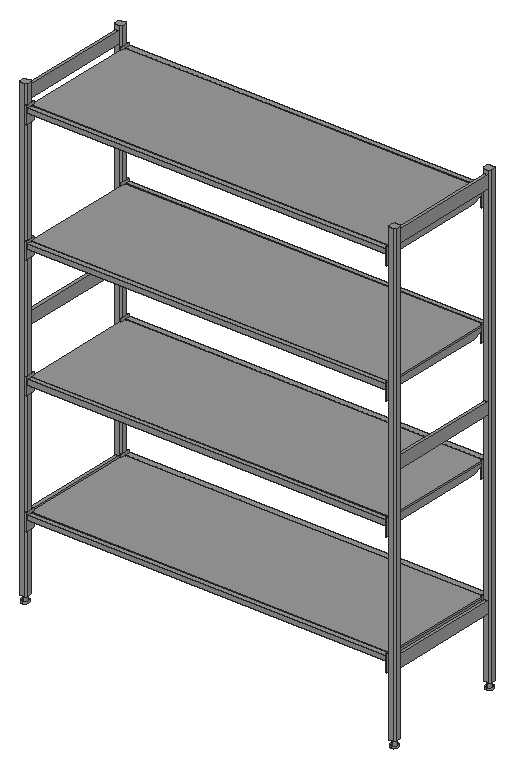
Revit family "QF_ZANUSSI_137037_BLS1394", category Attrezzature speciali, Revit 2020
Family settings
  Quota connettore circolare = Usa diametro
  Tipo di parte = Normale
  Basato su piano di lavoro = No
  Sempre verticale = Sì
  Taglio con vuoti quando caricato = No
  Condiviso = No
  Punto di calcolo locali = No
Parameters (values of type "Standard")
  Weight = 26.00 kg
  Watts = 0 W
  Volts = 0 V
  URL Manufacturer = "http://www.zanussiprofessional.com"
  URL = "http://www.zanussiprofessional.com"
  Steam Supply Size = 0 mm
  Steam Supply Minimum Pressure = 0.0 Pa
  Steam Supply Maximum Pressure = 0.0 Pa
  Steam Consumption per Hour = 0
  Refrigeration Suction Line Size = 0.0 mm
  Refrigeration Liquid Line Size = 0.0 mm
  Refrigerant Compressor Remote = yes
  Prospetto di default = 0.0 mm
  Phase = 0
  Modello = "BLS1394"
  Produttore = "Zanussi"
  Length Actual = 1394.0 mm  # constant formula
  Item Number = "137037"
  Hot Water Size = 0 mm
  Height Actual = 1700.0 mm  # constant formula
  HP = "0 HP"
  Gas Size = 0 mm
  Gas KW = 0
  Gas Input Pressure = 0 W
  Direct Waste Size = 0 mm
  Descrizione = "ALUM.LINEAR SHELV.-POLY.TIERS-475X1394MM"
  Depth Actual = 475.0 mm  # constant formula
  Cycle = 0 Hz
  Condensate Return Size = 0 mm
  Compressed Air Volume = 0.0 L/s
  Compressed Air Size = 0 mm
  Compressed Air Pressure = 0.0 Pa
  Cold Water Size = 0 mm
  Accessory = yes
Reference planes
  plane 1: z = 0
  plane 2 "Center (Left/Right)": x = -31
  plane 3 "LEFT": x = -728
  plane 4 "RIGHT": x = 666
  plane 5 "BACK": y = 23
  plane 6 "FRONT": y = -452
  plane 7 "TOP": z = 1700
  plane 8: x = 661
  plane 9: x = -696
  plane 10: x = 634
  plane 11 "Center (Front/Back)": y = -214.5
  plane 12: x = 629
  plane 13: y = -8.5
  plane 14: y = -420.5
  plane 15 "FEET": z = 25
  plane 16: z = 275
  plane 17: z = 725
  plane 18: z = 1175
  plane 19: z = 1625
  plane 20 "CXLeft": x = -714
  plane 21 "CXRight": x = 652
  plane 22: y = 5.5
  plane 23 "CYBack": y = 5.5
  plane 24 "CYFront": y = -434.5
Forms (mm)
  Extrusion 1, solid, material "QF_Aluminum"
    sketch origin (-728, 0, 0) x (0, 1, 0) y (0, 0, 1)
      loop
        line (4, 1650.994) -> (4, 1632.998) -> (23, 1632.998) -> (23, 1650.994) -> (4, 1650.994)
      loop
        line (-433, 1650.994) -> (-452, 1650.994) -> (-452, 1632.998) -> (-433, 1632.998) -> (-433, 1650.994)
      loop
        line (4, 1200.994) -> (4, 1182.998) -> (23, 1182.998) -> (23, 1200.994) -> (4, 1200.994)
      loop
        line (-433, 1200.994) -> (-452, 1200.994) -> (-452, 1182.998) -> (-433, 1182.998) -> (-433, 1200.994)
      loop
        line (4, 750.994) -> (4, 732.998) -> (23, 732.998) -> (23, 750.994) -> (4, 750.994)
      loop
        line (-433, 750.994) -> (-452, 750.994) -> (-452, 732.998) -> (-433, 732.998) -> (-433, 750.994)
      loop
        line (4, 300.994) -> (4, 282.998) -> (23, 282.998) -> (23, 300.994) -> (4, 300.994)
      loop
        line (-433, 300.994) -> (-452, 300.994) -> (-452, 282.998) -> (-433, 282.998) -> (-433, 300.994)
    from 32 to 1362
  Extrusion 2, solid, material "QF_Polyethylene"
    sketch origin (-728, 0, 0) x (0, 1, 0) y (0, 0, 1)
      loop
        line (2.007, 1650.994) -> (-431, 1650.994) -> (-431, 1644.496) -> (2.007, 1644.496) -> (2.007, 1650.994)
      loop
        line (2.007, 1200.994) -> (-431, 1200.994) -> (-431, 1194.496) -> (2.007, 1194.496) -> (2.007, 1200.994)
      loop
        line (2.007, 750.994) -> (-431, 750.994) -> (-431, 744.496) -> (2.007, 744.496) -> (2.007, 750.994)
      loop
        line (2.007, 300.994) -> (-431, 300.994) -> (-431, 294.496) -> (2.007, 294.496) -> (2.007, 300.994)
    from 32 to 1362
  Extrusion 3, solid, material "QF_Aluminum"
    sketch origin (666, 0, 0) x (0, 1, 0) y (0, 0, 1)
      loop
        line (-12, 1632.998) -> (4, 1632.998) -> (4, 1650.994) -> (2.007, 1650.994) -> (2.007, 1644.496) -> (-431, 1644.496) -> (-431, 1650.994) -> (-433, 1650.994) -> (-433, 1632.998) -> (-417, 1632.998) -> (-383, 1620.994) -> (-46, 1620.994) -> (-12, 1632.998)
      loop
        line (-12, 1182.998) -> (4, 1182.998) -> (4, 1200.994) -> (2.007, 1200.994) -> (2.007, 1194.496) -> (-431, 1194.496) -> (-431, 1200.994) -> (-433, 1200.994) -> (-433, 1182.998) -> (-417, 1182.998) -> (-383, 1170.994) -> (-46, 1170.994) -> (-12, 1182.998)
      loop
        line (-12, 732.998) -> (4, 732.998) -> (4, 750.994) -> (2.007, 750.994) -> (2.007, 744.496) -> (-431, 744.496) -> (-431, 750.994) -> (-433, 750.994) -> (-433, 732.998) -> (-417, 732.998) -> (-383, 720.994) -> (-46, 720.994) -> (-12, 732.998)
      loop
        line (-12, 282.998) -> (4, 282.998) -> (4, 300.994) -> (2.007, 300.994) -> (2.007, 294.496) -> (-431, 294.496) -> (-431, 300.994) -> (-433, 300.994) -> (-433, 282.998) -> (-417, 282.998) -> (-383, 270.994) -> (-46, 270.994) -> (-12, 282.998)
    from -32 to -37
Lines and regions (mm)
  symbolic lines
    curve 1: line (634, 4, 1700) -> (-696, 4, 1700)
    curve 2: line (-700, 23, 1700) -> (638, 23, 1700)
    curve 3: line (638, 13.246, 1700) -> (644.254, 19.5, 1700)
    curve 4: line (644.254, -8.5, 1700) -> (638, -2.246, 1700)
    curve 5: line (644.254, -420.5, 1700) -> (638, -426.754, 1700)
    curve 6: line (-700, -452, 1700) -> (638, -452, 1700)
    curve 7: line (638, 23, 1700) -> (638, -12.993, 1700)
    curve 8: line (638, -12.993, 1700) -> (634, -12.993, 1700)
    curve 9: line (638, -452, 1700) -> (638, -416.007, 1700)
    curve 10: line (638, -416.007, 1700) -> (634, -416.007, 1700)
    curve 11: line (-696, -12.993, 1700) -> (-696, -416.007, 1700)
    curve 12: line (-696, -433, 1700) -> (634, -433, 1700)
    curve 13: line (634, -12.993, 1700) -> (634, -416.007, 1700)
Dimensions and locks
  locked: plane 3 "LEFT" to plane 4 "RIGHT" at 1394
  equal spacing: plane 3 "LEFT", plane 2 "Center (Left/Right)", plane 4 "RIGHT"
  locked: plane 7 "TOP" to level at 1700
  locked: plane 5 "BACK" to plane 6 "FRONT" at 475
  locked: plane 4 "RIGHT" to plane 8 at 5
  locked: plane 9 to plane 10 at 1330
  locked: plane 3 "LEFT" to plane 9 at 32
  plane 12 to plane 10 = 5.0 mm
  locked: plane 13 to plane 14 at 412
  equal spacing: plane 13, plane 11 "Center (Front/Back)", plane 14
  equal spacing: plane 5 "BACK", plane 11 "Center (Front/Back)", plane 6 "FRONT"
  plane 15 "FEET" to level = 25.0 mm
  plane 7 "TOP" to plane 15 "FEET" = 1675.0 mm
  plane 16 to plane 15 "FEET" = 250.0 mm
  plane 17 to plane 16 = 450.0 mm
  plane 18 to plane 17 = 450.0 mm
  plane 19 to plane 18 = 450.0 mm
  locked: plane 3 "LEFT" to plane 20 "CXLeft" at 14
  locked: plane 21 "CXRight" to plane 4 "RIGHT" at 14
  locked: plane 5 "BACK" to plane 23 "CYBack" at 17.5
  locked: plane 24 "CYFront" to plane 6 "FRONT" at 17.5
  aligned and locked: level to plane 1
  aligned and locked: plane 9 to Extrusion 2
  aligned and locked: Extrusion 2 to plane 10
  aligned and locked: plane 9 to Extrusion 1
  aligned and locked: Extrusion 1 to plane 10
  aligned and locked: Extrusion 1 sketch curve to Extrusion 1 sketch curve  (x2)
  aligned and locked: Extrusion 3 sketch curve to Extrusion 3 sketch curve  (x3)
  aligned and locked: Extrusion 3 to plane 12
  aligned and locked: Extrusion 3 to plane 10
  aligned and locked: nested 1 to plane 20 "CXLeft"
  aligned and locked: nested 2 to plane 21 "CXRight"
Automatic sketch dimensions
  Extrusion 1 sketch curve to plane 6 "FRONT" = 0.0 mm  (x4)
  Extrusion 1 sketch curve to plane 5 "BACK" = 0.0 mm  (x4)
  plane 24 "CYFront" to Extrusion 1 sketch curve = 1.5 mm  (x2)
  plane 22 to Extrusion 1 sketch curve = 1.5 mm  (x4)
  plane 16 to Extrusion 1 sketch curve = 7.998 mm  (x2)
  Extrusion 1 sketch curve to Extrusion 1 sketch curve = 17.997 mm  (x8)
  plane 17 to Extrusion 1 sketch curve = 7.998 mm  (x2)
  plane 18 to Extrusion 1 sketch curve = 7.998 mm  (x2)
  plane 19 to Extrusion 1 sketch curve = 7.998 mm  (x2)
  plane 24 "CYFront" to Extrusion 2 sketch curve = 3.5 mm  (x4)
  plane 22 to Extrusion 2 sketch curve = 3.493 mm  (x4)
  plane 16 to Extrusion 2 sketch curve = 19.496 mm
  Extrusion 2 sketch curve to Extrusion 2 sketch curve = 6.499 mm  (x4)
  plane 17 to Extrusion 2 sketch curve = 19.496 mm
  plane 18 to Extrusion 2 sketch curve = 19.496 mm
  plane 19 to Extrusion 2 sketch curve = 19.496 mm
  plane 24 "CYFront" to Extrusion 3 sketch curve = 1.5 mm  (x4)
  Extrusion 3 sketch curve to Extrusion 3 sketch curve = 2.0 mm
  plane 14 to Extrusion 3 sketch curve = 3.5 mm  (x4)
  Extrusion 3 sketch curve to plane 16 = 4.006 mm
  Extrusion 3 sketch curve to Extrusion 3 sketch curve = 34.0 mm  (x4)
  Extrusion 3 sketch curve to plane 17 = 4.006 mm
  Extrusion 3 sketch curve to plane 18 = 4.006 mm
  Extrusion 3 sketch curve to plane 19 = 4.006 mm
  Extrusion 3 sketch curve to plane 13 = 37.5 mm  (x4)
  Extrusion 3 sketch curve to plane 13 = 3.5 mm  (x4)
  plane 22 to Extrusion 3 sketch curve = 3.493 mm  (x4)
  plane 22 to Extrusion 3 sketch curve = 1.5 mm  (x4)
  plane 16 to Extrusion 3 sketch curve = 7.998 mm  (x2)
  Extrusion 3 sketch curve to Extrusion 3 sketch curve = 11.498 mm  (x4)
  Extrusion 3 sketch curve to Extrusion 3 sketch curve = 6.499 mm  (x8)
  plane 17 to Extrusion 3 sketch curve = 7.998 mm  (x2)
  plane 18 to Extrusion 3 sketch curve = 7.998 mm  (x2)
  plane 19 to Extrusion 3 sketch curve = 7.998 mm  (x2)
  curve 6 to plane 6 "FRONT" = 0.0 mm
  curve 12 to plane 9 = 0.0 mm
  curve 12 to plane 10 = 0.0 mm
  curve 5 to plane 14 = 0.0 mm
  curve 11 to plane 9 = 0.0 mm
  curve 8 to plane 10 = 0.0 mm
  curve 4 to plane 13 = 0.0 mm
  curve 1 to plane 9 = 0.0 mm
  curve 1 to plane 10 = 0.0 mm
  curve 2 to plane 5 "BACK" = 0.0 mm
  plane 14 to curve 10 = 4.493 mm
  curve 7 to plane 13 = 4.493 mm
  curve 10 to plane 10 = 4.0 mm
  curve 7 to plane 10 = 4.0 mm
  plane 24 "CYFront" to curve 12 = 1.5 mm
  curve 5 to plane 14 = 6.254 mm
  plane 14 to curve 11 = 4.493 mm
  curve 11 to plane 13 = 4.493 mm
  plane 13 to curve 4 = 6.254 mm
  plane 22 to curve 1 = 1.5 mm
  curve 3 to plane 22 = 7.746 mm
  curve 3 to plane 5 "BACK" = 3.5 mm
  curve 5 to curve 9 = 6.254 mm
  curve 3 to curve 2 = 6.254 mm
  curve 4 to curve 7 = 6.254 mm
  plane 9 to curve 2 = 4.0 mm
  plane 9 to curve 6 = 4.0 mm
Nested families
  nested 1: "WT_Anta475" at (-311, 0, 0), type "WT_Anta475"
  nested 2: "WT_Anta475" at (249, 0, 0) x (-1, 0, 0) z (0, 0, 1), type "WT_Anta475"
Definition of nested family "WT_Anta475"
  Parameters
    WidthLeft = A + 64.0 mm  # 772.0 mm
    Width = 1606.0 mm
    Right = WidthLeft / 2  # 386.0 mm
    Default Elevation = 0.0 mm
    Left = -WidthLeft / 2  # -386.0 mm
    Height = 1725.0 mm
    FEET = 25.0 mm
    E = 0.0 mm
    Dint = Depth - 63.0 mm  # 412.0 mm
    Dext = Depth - 8.0 mm  # 467.0 mm
    Depth = 475.0 mm
    DX = (WidthLeft - A) / 2  # 32.0 mm
    B = 798.0 mm
    A = 708.0 mm
  Reference planes
    plane 1: z = 0
    plane 2 "LEFT": x = -417
    plane 3 "BACK": y = 23
    plane 4 "FRONT": y = -452
    plane 5 "TOP": z = 1725
    plane 6 "Center (Front/Back)": y = -214.5
    plane 7: y = -8.5
    plane 8: y = -420.5
    plane 9 "FEET": z = 25
    plane 10: z = 275
    plane 11: z = 725
    plane 12: z = 1175
    plane 13: z = 1625
    plane 14 "CXLeft": x = -403
    plane 15: y = 5.5
    plane 16 "CYBack": y = 5.5
    plane 17 "CYFront": y = -434.5
    plane 18: x = -385.031
    plane 19: x = -380.031
  Forms (mm)
    Extrusion 1, solid
      sketch origin (0, 0, 0) x (1, 0, 0) y (0, 1, 0)
        loop
          line (-417, 13.246) -> (-417, -2.246) -> (-410.746, -8.5) -> (-395.254, -8.5) -> (-389, -2.246) -> (-389, 13.246) -> (-395.254, 19.5) -> (-410.746, 19.5) -> (-417, 13.246)
      from 1725 to 25
    Extrusion 2, solid
      sketch origin (-417, 0, 0) x (0, 1, 0) y (0, 0, 1)
        loop
          line (23, 246.005) -> (23, 307.993) -> (-12.993, 307.993) -> (-12.993, 246.005) -> (23, 246.005)
        loop
          line (-452, 246.005) -> (-416.007, 246.005) -> (-416.007, 307.993) -> (-452, 307.993) -> (-452, 246.005)
        loop
          line (23, 696.005) -> (23, 757.993) -> (-12.993, 757.993) -> (-12.993, 696.005) -> (23, 696.005)
        loop
          line (-452, 696.005) -> (-416.007, 696.005) -> (-416.007, 757.993) -> (-452, 757.993) -> (-452, 696.005)
        loop
          line (23, 1146.005) -> (23, 1207.993) -> (-12.993, 1207.993) -> (-12.993, 1146.005) -> (23, 1146.005)
        loop
          line (-452, 1146.005) -> (-416.007, 1146.005) -> (-416.007, 1207.993) -> (-452, 1207.993) -> (-452, 1146.005)
        loop
          line (23, 1596.005) -> (23, 1657.993) -> (-12.993, 1657.993) -> (-12.993, 1596.005) -> (23, 1596.005)
        loop
          line (-452, 1596.005) -> (-416.007, 1596.005) -> (-416.007, 1657.993) -> (-452, 1657.993) -> (-452, 1596.005)
      from 28 to 32
    Revolve 3, solid
      sketch origin (-403, 0, 0) x (0, 1, 0) y (0, 0, 1)
        loop
          line (5.5, 25) -> (5.5, 0) -> (19, 0) -> (19, 5) -> (14, 5) -> (14, 25) -> (5.5, 25)
        axis (5.5, 25) -> (5.5, 0)
      angle from 0 to 360
    Extrusion 4, solid
      sketch origin (-403, 0, 0) x (0, 1, 0) y (0, 0, 1)
        loop
          line (-8.5, 912.382) -> (-8.5, 957.374) -> (-420.5, 957.374) -> (-420.5, 912.382) -> (-8.5, 912.382)
        loop
          line (-8.5, 1662.244) -> (-8.5, 1707.236) -> (-420.5, 1707.236) -> (-420.5, 1662.244) -> (-8.5, 1662.244)
      from -5 to 5
    Revolve 5, solid
      sketch origin (-403, -627, 0) x (0, -1, 0) y (0, 0, 1)
        loop
          line (-192.5, 25) -> (-192.5, 0) -> (-179, 0) -> (-179, 5) -> (-184, 5) -> (-184, 25) -> (-192.5, 25)
        axis (-192.5, 25) -> (-192.5, 0)
      angle from 0 to 360
    Extrusion 6, solid
      sketch origin (0, -627, 0) x (1, 0, 0) y (0, 1, 0)
        loop
          line (-417, 184.754) -> (-410.746, 178.5) -> (-395.254, 178.5) -> (-389, 184.754) -> (-389, 200.246) -> (-395.254, 206.5) -> (-410.746, 206.5) -> (-417, 200.246) -> (-417, 184.754)
      from 1725 to 25
    Extrusion 7, solid
      sketch origin (-417.031, -0.022, 0) x (0, 1, 0) y (0, 0, -1)
        loop
          line (-12, -1632.998) -> (-46, -1620.994) -> (-383, -1620.994) -> (-417, -1632.998) -> (-433, -1632.998) -> (-433, -1650.994) -> (-431, -1650.994) -> (-431, -1644.496) -> (2.007, -1644.496) -> (2.007, -1650.994) -> (4, -1650.994) -> (4, -1632.998) -> (-12, -1632.998)
        loop
          line (-12, -1182.998) -> (-46, -1170.994) -> (-383, -1170.994) -> (-417, -1182.998) -> (-433, -1182.998) -> (-433, -1200.994) -> (-431, -1200.994) -> (-431, -1194.496) -> (2.007, -1194.496) -> (2.007, -1200.994) -> (4, -1200.994) -> (4, -1182.998) -> (-12, -1182.998)
        loop
          line (-12, -732.998) -> (-46, -720.994) -> (-383, -720.994) -> (-417, -732.998) -> (-433, -732.998) -> (-433, -750.994) -> (-431, -750.994) -> (-431, -744.496) -> (2.007, -744.496) -> (2.007, -750.994) -> (4, -750.994) -> (4, -732.998) -> (-12, -732.998)
        loop
          line (-12, -282.998) -> (-46, -270.994) -> (-383, -270.994) -> (-417, -282.998) -> (-433, -282.998) -> (-433, -300.994) -> (-431, -300.994) -> (-431, -294.496) -> (2.007, -294.496) -> (2.007, -300.994) -> (4, -300.994) -> (4, -282.998) -> (-12, -282.998)
      from -32 to -37
    Extrusion 8, solid
      sketch origin (-403, 0, -659.878) x (0, 1, 0) y (0, 0, 1)
        loop
          line (-8.5, 912.382) -> (-8.5, 957.374) -> (-420.5, 957.374) -> (-420.5, 912.382) -> (-8.5, 912.382)
        loop
          line (-8.5, 1572.382) -> (-8.5, 1617.374) -> (-420.5, 1617.374) -> (-420.5, 1572.382) -> (-8.5, 1572.382)
        loop
          line (-8.5, 2322.382) -> (-8.5, 2367.374) -> (-420.5, 2367.374) -> (-420.5, 2322.382) -> (-8.5, 2322.382)
      from -5 to 5
  Lines and regions (mm)
    symbolic lines
      curve 1: line (-408, -8.5, 1725) -> (-408, -420.5, 1725)
      curve 2: line (-398, -420.5, 1725) -> (-398, -8.5, 1725)
      curve 3: line (-395.254, -8.5, 1725) -> (-410.746, -8.5, 1725)
      curve 4: line (-417, -2.246, 1725) -> (-410.746, -8.5, 1725)
      curve 5: line (-417, 13.246, 1725) -> (-417, -2.246, 1725)
      curve 6: line (-410.746, 19.5, 1725) -> (-417, 13.246, 1725)
      curve 7: line (-395.254, 19.5, 1725) -> (-410.746, 19.5, 1725)
      curve 8: line (-389, 13.246, 1725) -> (-395.254, 19.5, 1725)
      curve 9: line (-395.254, -8.5, 1725) -> (-389, -2.246, 1725)
      curve 10: line (-395.254, -420.5, 1725) -> (-410.746, -420.5, 1725)
      curve 11: line (-417, -426.754, 1725) -> (-410.746, -420.5, 1725)
      curve 12: line (-410.746, -448.5, 1725) -> (-417, -442.246, 1725)
      curve 13: line (-395.254, -448.5, 1725) -> (-410.746, -448.5, 1725)
      curve 14: line (-389, -442.246, 1725) -> (-395.254, -448.5, 1725)
      curve 15: line (-395.254, -420.5, 1725) -> (-389, -426.754, 1725)
      curve 16: line (-389, -452, 1725) -> (-389, -416.007, 1725)
      curve 17: line (-389, -416.007, 1725) -> (-385, -416.007, 1725)
      curve 18: line (-389, 23, 1725) -> (-389, -12.993, 1725)
      curve 19: line (-389, -12.993, 1725) -> (-385, -12.993, 1725)
      curve 20: line (-417, -426.754, 1725) -> (-417, -442.246, 1725)
      curve 21: line (-385, -452, 1725) -> (-385, -416.007, 1725)
      curve 22: line (-385, -452, 1725) -> (-389, -452, 1725)
      curve 23: line (-385, 23, 1725) -> (-389, 23, 1725)
      curve 24: line (-385, -12.993, 1725) -> (-385, 23, 1725)
      curve 25: line (-385.031, -13.016, 1725) -> (-385.031, -416.029, 1725)
  Dimensions and locks
    "Height": plane 5 "TOP" to level
    "Depth": plane 3 "BACK" to plane 4 "FRONT"
    "Dint": plane 7 to plane 8
    equal spacing: plane 7, plane 6 "Center (Front/Back)", plane 8
    equal spacing: plane 3 "BACK", plane 6 "Center (Front/Back)", plane 4 "FRONT"
    plane 9 "FEET" to level = 25.0 mm
    plane 5 "TOP" to plane 9 "FEET" = 1700.0 mm
    plane 10 to plane 9 "FEET" = 250.0 mm
    plane 11 to plane 10 = 450.0 mm
    plane 12 to plane 11 = 450.0 mm
    plane 13 to plane 12 = 450.0 mm
    locked: plane 2 "LEFT" to plane 14 "CXLeft" at 14
    locked: plane 3 "BACK" to plane 16 "CYBack" at 17.5
    locked: plane 17 "CYFront" to plane 4 "FRONT" at 17.5
    locked: Revolve 3 sketch curve to Revolve 3 sketch curve at 8.5
    locked: Revolve 3 sketch curve to plane 16 "CYBack" at 13.5
    locked: Revolve 5 sketch curve to Revolve 5 sketch curve at 8.5
    aligned and locked: level to plane 1
    aligned and locked: curve 20 to Extrusion 6
    aligned and locked: plane 5 "TOP" to Extrusion 1
    aligned and locked: plane 5 "TOP" to Extrusion 6
    aligned and locked: Extrusion 7 sketch curve to Extrusion 7 sketch curve  (x3)
  Automatic sketch dimensions
    curve 16 to plane 4 "FRONT" = 0.0 mm
    curve 11 to plane 8 = 0.0 mm
    curve 9 to plane 7 = 0.0 mm
    curve 5 to plane 2 "LEFT" = 0.0 mm
    curve 23 to plane 3 "BACK" = 0.0 mm
    plane 4 "FRONT" to curve 13 = 3.5 mm
    curve 20 to plane 17 "CYFront" = 7.746 mm
    curve 20 to plane 8 = 6.254 mm
    plane 8 to curve 16 = 4.493 mm
    curve 24 to plane 18 = 0.031 mm
    curve 24 to plane 7 = 4.493 mm
    plane 7 to curve 5 = 6.254 mm
    curve 5 to plane 15 = 7.746 mm
    curve 6 to plane 3 "BACK" = 3.5 mm
    curve 21 to plane 18 = 0.031 mm
    plane 18 to curve 23 = 3.969 mm
    plane 18 to curve 16 = 3.969 mm
    curve 18 to curve 8 = 6.254 mm
    curve 18 to curve 3 = 6.254 mm
    curve 16 to curve 13 = 6.254 mm
    curve 16 to curve 15 = 6.254 mm
    plane 2 "LEFT" to curve 10 = 6.254 mm
    plane 2 "LEFT" to curve 7 = 6.254 mm
    plane 2 "LEFT" to curve 12 = 6.254 mm
    plane 2 "LEFT" to curve 3 = 6.254 mm
    curve 14 to plane 17 "CYFront" = 7.746 mm
    curve 15 to plane 8 = 6.254 mm
    plane 7 to curve 9 = 6.254 mm
    curve 8 to plane 15 = 7.746 mm
    curve 3 to curve 2 = 2.746 mm
    curve 1 to curve 10 = 2.746 mm
    Extrusion 1 sketch curve to plane 2 "LEFT" = 0.0 mm
    Extrusion 1 sketch curve to plane 7 = 0.0 mm
    plane 2 "LEFT" to Extrusion 1 sketch curve = 6.254 mm  (x2)
    plane 14 "CXLeft" to Extrusion 1 sketch curve = 7.746 mm  (x2)
    Extrusion 1 sketch curve to plane 3 "BACK" = 3.5 mm
    plane 18 to Extrusion 1 sketch curve = 3.969 mm
    plane 7 to Extrusion 1 sketch curve = 6.254 mm  (x2)
    Extrusion 1 sketch curve to plane 15 = 7.746 mm  (x2)
    Extrusion 2 sketch curve to plane 4 "FRONT" = 0.0 mm  (x4)
    Extrusion 2 sketch curve to plane 3 "BACK" = 0.0 mm  (x4)
    plane 8 to Extrusion 2 sketch curve = 4.493 mm  (x4)
    Extrusion 2 sketch curve to plane 7 = 4.493 mm  (x4)
    Extrusion 2 sketch curve to plane 10 = 28.995 mm  (x2)
    plane 10 to Extrusion 2 sketch curve = 32.993 mm  (x2)
    Extrusion 2 sketch curve to plane 11 = 28.995 mm  (x2)
    plane 11 to Extrusion 2 sketch curve = 32.993 mm  (x2)
    Extrusion 2 sketch curve to plane 12 = 28.995 mm  (x2)
    plane 12 to Extrusion 2 sketch curve = 32.993 mm  (x2)
    Extrusion 2 sketch curve to plane 13 = 28.995 mm  (x2)
    plane 13 to Extrusion 2 sketch curve = 32.993 mm  (x2)
    Revolve 3 sketch curve to plane 9 "FEET" = 0.0 mm  (x2)
    Revolve 3 sketch curve to plane 15 = 0.0 mm  (x2)
    Revolve 3 sketch curve to level = 0.0 mm
    level to Revolve 3 sketch curve = 5.0 mm
    Revolve 3 sketch curve to Revolve 3 sketch curve = 11.655 mm
    Extrusion 4 sketch curve to plane 8 = 0.0 mm  (x2)
    Extrusion 4 sketch curve to plane 7 = 0.0 mm  (x2)
    plane 11 to Extrusion 4 sketch curve = 187.382 mm
    Extrusion 4 sketch curve to Extrusion 4 sketch curve = 44.992 mm
    plane 13 to Extrusion 4 sketch curve = 37.244 mm
    Extrusion 4 sketch curve to plane 5 "TOP" = 17.764 mm
    Revolve 5 sketch curve to plane 9 "FEET" = 0.0 mm  (x2)
    Revolve 5 sketch curve to plane 17 "CYFront" = 0.0 mm  (x2)
    Revolve 5 sketch curve to level = 0.0 mm
    Revolve 5 sketch curve to plane 4 "FRONT" = 4.0 mm
    Revolve 5 sketch curve to Revolve 5 sketch curve = 5.0 mm
    level to Revolve 5 sketch curve = 11.655 mm
    Extrusion 6 sketch curve to plane 2 "LEFT" = 0.0 mm
    Extrusion 6 sketch curve to plane 8 = 0.0 mm
    Extrusion 6 sketch curve to plane 2 "LEFT" = 6.254 mm  (x2)
    Extrusion 6 sketch curve to plane 14 "CXLeft" = 7.746 mm  (x2)
    Extrusion 6 sketch curve to plane 4 "FRONT" = 3.5 mm
    Extrusion 6 sketch curve to plane 18 = 3.969 mm
    plane 8 to Extrusion 6 sketch curve = 6.254 mm  (x2)
    plane 17 "CYFront" to Extrusion 6 sketch curve = 7.746 mm  (x2)
    plane 17 "CYFront" to Extrusion 7 sketch curve = 1.478 mm  (x4)
    Extrusion 7 sketch curve to Extrusion 7 sketch curve = 2.0 mm
    plane 8 to Extrusion 7 sketch curve = 3.478 mm  (x4)
    Extrusion 7 sketch curve to plane 10 = 4.006 mm
    Extrusion 7 sketch curve to Extrusion 7 sketch curve = 34.0 mm  (x4)
    Extrusion 7 sketch curve to plane 11 = 4.006 mm
    Extrusion 7 sketch curve to plane 12 = 4.006 mm
    Extrusion 7 sketch curve to plane 13 = 4.006 mm
    Extrusion 7 sketch curve to plane 7 = 37.522 mm  (x4)
    Extrusion 7 sketch curve to plane 7 = 3.522 mm  (x4)
    plane 15 to Extrusion 7 sketch curve = 3.516 mm  (x4)
    plane 15 to Extrusion 7 sketch curve = 1.522 mm  (x4)
    plane 13 to Extrusion 7 sketch curve = 7.998 mm  (x2)
    Extrusion 7 sketch curve to Extrusion 7 sketch curve = 11.498 mm
    Extrusion 7 sketch curve to Extrusion 7 sketch curve = 6.499 mm  (x5)
    plane 12 to Extrusion 7 sketch curve = 25.994 mm  (x2)
    plane 12 to Extrusion 7 sketch curve = 7.998 mm  (x2)
    plane 11 to Extrusion 7 sketch curve = 25.994 mm  (x2)
    plane 11 to Extrusion 7 sketch curve = 7.998 mm  (x2)
    plane 10 to Extrusion 7 sketch curve = 25.994 mm  (x2)
    plane 10 to Extrusion 7 sketch curve = 7.998 mm  (x2)
    curve 25 to plane 18 = 0.0 mm
    plane 8 to curve 25 = 4.471 mm
    curve 25 to plane 7 = 4.516 mm
    Extrusion 8 sketch curve to plane 8 = 0.0 mm  (x3)
    Extrusion 8 sketch curve to plane 7 = 0.0 mm  (x3)
    Extrusion 8 sketch curve to plane 10 = 22.496 mm
    plane 10 to Extrusion 8 sketch curve = 22.496 mm
    plane 11 to Extrusion 8 sketch curve = 187.504 mm
    Extrusion 8 sketch curve to Extrusion 8 sketch curve = 44.992 mm
    plane 13 to Extrusion 8 sketch curve = 37.504 mm
    Extrusion 8 sketch curve to plane 5 "TOP" = 17.504 mm
